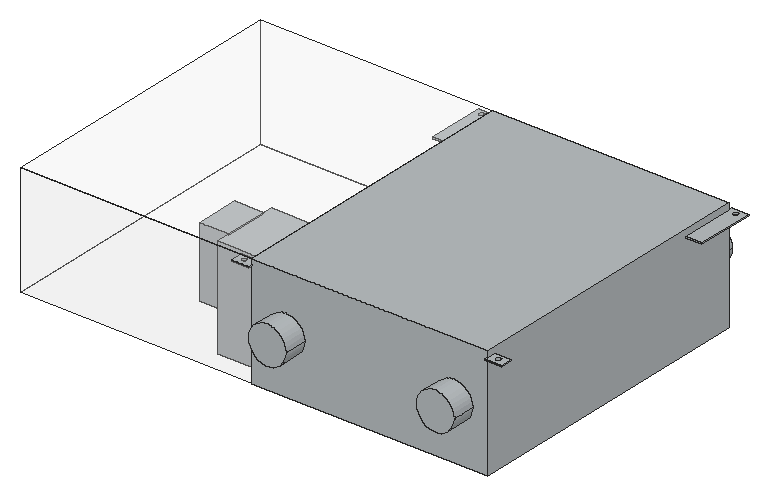
Revit family "lgh-rn15_100rxv2(d)_50Hz", category 機械設備, Revit 2019
Family settings
  丸型コネクタ寸法 = 直径を使用
  パーツ タイプ = 割り込み
  OmniClass 番号 = 23.75.10.34.21
  OmniClass タイトル = Heat Exchangers for Ventilation Air
  作業面ベース = いいえ
  常に垂直 = はい
  ロード時にボイドで切り取り = いいえ
  共有 = いいえ
  部屋計算ポイント = はい
Parameters (values of type "LGH-RN15RXV2")
  騒音レベル(dB(A)) = 31
  風量 = MAX風量  # 150.0 m³/h
  面風速 = 5.31 m/s
  電源種別 [instance] = "一般"
  電圧 = 100 V
  電動機出力 = 0 W
  集中コントローラ = ""
  運転質量 = 0.00 kg
  連動 [instance] = ""
  質量 = if(製品質量 > 運転質量, 製品質量, 運転質量) * 1.2  # 27.60 kg
  負荷分類 = 3_ファン類
  説明 = "業務用ロスナイ 天井埋込形 DCリプレースマイコン"
  設計風量 = 0.0 m³/h
  設置方法 = "天井吊(隠ぺい)形"
  記号 [instance] = ""
  製造元 = "三菱電機株式会社"
  製品質量 = 23.00 kg
  製品出荷対象 = "国内"
  製品リリース年月 = "2023/5/15"
  製品グループ = ""
  系統 [instance] = ""
  符号 [instance] = "HEU"
  積算_科目 = "1 空気調和設備"
  積算_拾い区分 [instance] = ""
  相 = 1
  盤記号 [instance] = ""
  発停方法 [instance] = ""
  特殊仕様 [instance] = ""
  点検口高さ = -Height / 2  # -145 mm
  点検口 = yes
  火災停止 [instance] = ""
  温度交換効率_特強 = 74.00%
  温度交換効率_強 = 74.00%
  温度交換効率_弱 = 78.00%
  消費電力 = 85 W
  法定耐用年数 = "15"
  機外静圧_排気 = 210.0 Pa
  機外静圧 = 210.0 Pa
  極数 = 2
  材質 [instance] = ""
  本体マテリアル = 溶融亜鉛めっき鋼板
  操作・制御方式 = ""
  操作・制御スイッチ = ""
  排気量 = 0.0 m³/h
  形式 = "天井埋込ダクト形"
  形名 = LGH-RN-2 : LGH-RN15-2
  幹線記号 [instance] = ""
  対象室 [instance] = ""
  実風量 = 0.0 m³/h
  始動方式 [instance] = "直入"
  外気量 = 設計風量  # 0.0 m³/h
  呼称 = "全熱交換ユニット"
  周波数 = 50 Hz
  吊りボルト-W = 658 mm
  吊りボルト-D = 768 mm
  参照している仕様書等のバージョン = "公共建築工事標準仕様書（機械設備工事編）平成31年度版"
  初期抵抗 = 0.0 Pa
  分類コード = "50052504100070"
  分類グループ = ""
  価格 = 379000
  企業コード = "108420"
  付属品_フィルター_還気 = ""
  付属品_フィルター = ""
  付属品 [instance] = ""
  仕様書バージョン = "Version1.0"
  モデル = "LGH-RN15RXV2"
  ドレン管径 = 0 mm
  ダクト径 = 100 mm
  OAダクト変更表示 = no
  EAダクト変更表示 = no
  サービススペース = yes
  コメント [instance] = ""
  Keynote = ""
  エンタルピ交換効率_暖房_特強 = 75.50%
  エンタルピ交換効率_暖房_強 = 75.50%
  エンタルピ交換効率_暖房_弱 = 79.00%
  エンタルピ交換効率_冷房_特強 = 64.50%
  エンタルピ交換効率_冷房_強 = 64.50%
  エンタルピ交換効率_冷房_弱 = 69.00%
  Width = 610 mm
  Version = ""
  Uniclass2015Version = "Systems v1.9"
  Uniclass2015Title = "Thermal wheels"
  Uniclass2015Code = "Pr_60_60_36_88"
  URL = "https://www.mitsubishielectric.co.jp/ldg/wink/qr/002/324437/"
  SpecificationReference = ""
  SpecificationDescription = ""
  SMAX風量 = 150.0 m³/h
  SMAX静圧 = 210.0 Pa
  SAサイズ_D = 97.5 mm
  Revision = ""
  RAサイズ_D = 97.5 mm
  ProductInformation = ""
  OmniClassCode = "23-27 23 19 11"
  OAサイズ_W = 0 mm
  OAサイズ_D = 97.5 mm
  MIN風量 = 66.0 m³/h
  MIN静圧 = 35.0 Pa
  MID風量 = 108.0 m³/h
  MID静圧 = 93.0 Pa
  MAX風量 = 150.0 m³/h
  MAX静圧 = 180.0 Pa
  M = 59 mm
  IfcTypeProduct = ""
  IfcProduct = ""
  IfcExportType = "ROTARYWHEEL"
  IfcExportAs = "IfcAirToAirHeatRecoveryType"
  Height = 290 mm
  EAサイズ_W = 0 mm
  EAサイズ_D = 97.5 mm
  Depth = 780 mm
  Clearance Top = 0 mm  # constant formula
  Clearance Right = 0 mm  # constant formula
  Clearance Left = 600 mm  # constant formula
  Clearance Front = 0 mm  # constant formula
  Clearance Bottom = 0 mm  # constant formula
  Clearance Back = 0 mm  # constant formula
  Author = "三菱電機株式会社"
Types (14, lengths in mm): name | 騒音レベル(dB(A)) | 風量 | 面風速 | 電圧 | 質量 | 製品質量 | 点検口高さ | 温度交換効率_特強 | 温度交換効率_強 | 温度交換効率_弱 | 消費電力 | 機外静圧_排気 | 機外静圧 | 極数 | 吊りボルト-W | 吊りボルト-D | 参照している仕様書等のバージョン | 価格 | モデル | ダクト径 | エンタルピ交換効率_暖房_特強 | エンタルピ交換効率_暖房_強 | エンタルピ交換効率_暖房_弱 | エンタルピ交換効率_冷房_特強 | エンタルピ交換効率_冷房_強 | エンタルピ交換効率_冷房_弱 | Width | URL | SMAX風量 | SMAX静圧 | SAサイズ_D | RAサイズ_D | OAサイズ_D | MIN風量 | MIN静圧 | MID風量 | MID静圧 | MAX風量 | MAX静圧 | M | Height | EAサイズ_D | Depth
  LGH-RN15RXV2 | 31 | 150.0 m³/h | 5.31 m/s | 100 V | 27.60 kg | 23.00 kg | -145 | 74.00% | 74.00% | 78.00% | 85 W | 210.0 Pa | 210.0 Pa | 2 | 658 | 768 | "公共建築工事標準仕様書（機械設備工事編）平成31年度版" | 379000 | "LGH-RN15RXV2" | 100 | 75.50% | 75.50% | 79.00% | 64.50% | 64.50% | 69.00% | 610 | "https://www.mitsubishielectric.co.jp/ldg/wink/qr/002/324437/" | 150.0 m³/h | 210.0 Pa | 97.5 | 97.5 | 97.5 | 66.0 m³/h | 35.0 Pa | 108.0 m³/h | 93.0 Pa | 150.0 m³/h | 180.0 Pa | 59 | 290 | 97.5 | 780
  LGH-RN15RXV2D | 31 | 150.0 m³/h | 5.31 m/s | 200 V | 27.60 kg | 23.00 kg | -145 | 74.00% | 74.00% | 78.00% | 85 W | 210.0 Pa | 210.0 Pa | 3 | 658 | 768 | "公共建築工事標準仕様書（機械設備工事編）平成31年度版" | 379000 | "LGH-RN15RXV2D" | 100 | 75.50% | 75.50% | 79.00% | 64.50% | 64.50% | 69.00% | 610 | "https://www.mitsubishielectric.co.jp/ldg/wink/qr/002/324438/" | 150.0 m³/h | 210.0 Pa | 97.5 | 97.5 | 97.5 | 66.0 m³/h | 35.0 Pa | 108.0 m³/h | 93.0 Pa | 150.0 m³/h | 180.0 Pa | 59 | 290 | 97.5 | 780
  LGH-RN25RXV2 | 30 | 250.0 m³/h | 3.93 m/s | 100 V | 28.80 kg | 24.00 kg | -145 | 70.00% | 70.00% | 78.00% | 110 W | 170.0 Pa | 170.0 Pa | 2 | 782 | 768 | "公共建築工事標準仕様書（機械設備工事編）平成31年度版" | 412000 | "LGH-RN25RXV2" | 150 | 73.00% | 73.00% | 78.50% | 63.00% | 63.00% | 68.50% | 735 | "https://www.mitsubishielectric.co.jp/ldg/wink/qr/002/324440/" | 250.0 m³/h | 170.0 Pa | 142 | 142 | 142 | 110.0 m³/h | 28.0 Pa | 180.0 m³/h | 75.0 Pa | 250.0 m³/h | 145.0 Pa | 69 | 290 | 142 | 780
  LGH-RN25RXV2D | 30 | 250.0 m³/h | 3.93 m/s | 200 V | 28.80 kg | 24.00 kg | -145 | 70.00% | 70.00% | 78.00% | 110 W | 170.0 Pa | 170.0 Pa | 3 | 782 | 768 | "公共建築工事標準仕様書（機械設備工事編）平成31年度版" | 412000 | "LGH-RN25RXV2D" | 150 | 73.00% | 73.00% | 78.50% | 63.00% | 63.00% | 68.50% | 735 | "https://www.mitsubishielectric.co.jp/ldg/wink/qr/002/324441/" | 250.0 m³/h | 170.0 Pa | 142 | 142 | 142 | 110.0 m³/h | 28.0 Pa | 180.0 m³/h | 75.0 Pa | 250.0 m³/h | 145.0 Pa | 69 | 290 | 142 | 780
  LGH-RN35RXV2 | 33 | 350.0 m³/h | 5.5 m/s | 100 V | 39.60 kg | 33.00 kg | -165 | 71.50% | 71.50% | 75.00% | 210 W | 300.0 Pa | 300.0 Pa | 2 | 921 | 875 | "公共建築工事標準仕様書（機械設備工事編）平成31年度版" | 454000 | "LGH-RN35RXV2" | 150 | 74.50% | 74.50% | 78.50% | 65.50% | 65.50% | 66.50% | 875 | "https://www.mitsubishielectric.co.jp/ldg/wink/qr/002/324442/" | 350.0 m³/h | 300.0 Pa | 142 | 142 | 142 | 154.0 m³/h | 36.0 Pa | 252.0 m³/h | 96.0 Pa | 350.0 m³/h | 185.0 Pa | 69 | 330 | 142 | 890
  LGH-RN35RXV2D | 33 | 350.0 m³/h | 5.5 m/s | 200 V | 39.60 kg | 33.00 kg | -165 | 71.50% | 71.50% | 75.00% | 210 W | 300.0 Pa | 300.0 Pa | 3 | 921 | 875 | "公共建築工事標準仕様書（機械設備工事編）平成31年度版" | 454000 | "LGH-RN35RXV2D" | 150 | 74.50% | 74.50% | 78.50% | 65.50% | 65.50% | 66.50% | 875 | "https://www.mitsubishielectric.co.jp/ldg/wink/qr/002/324443/" | 350.0 m³/h | 300.0 Pa | 142 | 142 | 142 | 154.0 m³/h | 36.0 Pa | 252.0 m³/h | 96.0 Pa | 350.0 m³/h | 185.0 Pa | 69 | 330 | 142 | 890
  LGH-RN50RXV2 | 37 | 500.0 m³/h | 4.42 m/s | 100 V | 44.40 kg | 37.00 kg | -165 | 71.00% | 71.00% | 75.00% | 315 W | 310.0 Pa | 310.0 Pa | 2 | 1063 | 875 | "公共建築工事標準仕様書（機械設備工事編）平成31年度版" | 547000 | "LGH-RN50RXV2" | 200 | 73.00% | 73.00% | 77.50% | 63.00% | 63.00% | 66.50% | 1020 | "https://www.mitsubishielectric.co.jp/ldg/wink/qr/002/324444/" | 500.0 m³/h | 310.0 Pa | 192 | 192 | 192 | 220.0 m³/h | 37.0 Pa | 360.0 m³/h | 98.0 Pa | 500.0 m³/h | 190.0 Pa | 84 | 330 | 192 | 890
  LGH-RN50RXV2D | 37 | 500.0 m³/h | 4.42 m/s | 200 V | 44.40 kg | 37.00 kg | -165 | 71.00% | 71.00% | 75.00% | 315 W | 310.0 Pa | 310.0 Pa | 3 | 1063 | 875 | "公共建築工事標準仕様書（機械設備工事編）平成31年度版" | 547000 | "LGH-RN50RXV2D" | 200 | 73.00% | 73.00% | 77.50% | 63.00% | 63.00% | 66.50% | 1020 | "https://www.mitsubishielectric.co.jp/ldg/wink/qr/002/324445/" | 500.0 m³/h | 310.0 Pa | 192 | 192 | 192 | 220.0 m³/h | 37.0 Pa | 360.0 m³/h | 98.0 Pa | 500.0 m³/h | 190.0 Pa | 84 | 330 | 192 | 890
  LGH-RN65RXV2 | 40 | 650.0 m³/h | 5.75 m/s | 100 V | 51.60 kg | 43.00 kg | -202 | 71.50% | 71.50% | 76.00% | 445 W | 320.0 Pa | 320.0 Pa | 2 | 1001 | 895 | "公共建築工事標準仕様書（機械設備工事編）平成31年度版" | 628000 | "LGH-RN65RXV2" | 200 | 72.00% | 72.00% | 76.00% | 63.00% | 63.00% | 67.00% | 892 | "https://www.mitsubishielectric.co.jp/ldg/wink/qr/002/324446/" | 650.0 m³/h | 320.0 Pa | 192 | 192 | 192 | 286.0 m³/h | 45.0 Pa | 468.0 m³/h | 119.0 Pa | 650.0 m³/h | 230.0 Pa | 84 | 404 | 192 | 984
  LGH-RN65RXV2D | 40 | 650.0 m³/h | 5.75 m/s | 200 V | 51.60 kg | 43.00 kg | -202 | 71.50% | 71.50% | 76.00% | 445 W | 320.0 Pa | 320.0 Pa | 3 | 1001 | 895 | "公共建築工事標準仕様書（機械設備工事編）平成31年度版" | 628000 | "LGH-RN65RXV2D" | 200 | 72.00% | 72.00% | 76.00% | 63.00% | 63.00% | 67.00% | 892 | "https://www.mitsubishielectric.co.jp/ldg/wink/qr/002/324447/" | 650.0 m³/h | 320.0 Pa | 192 | 192 | 192 | 286.0 m³/h | 45.0 Pa | 468.0 m³/h | 119.0 Pa | 650.0 m³/h | 230.0 Pa | 84 | 404 | 192 | 984
  LGH-RN80RXV2 | 40 | 800.0 m³/h | 4.53 m/s | 100 V | 63.60 kg | 53.00 kg | -202 | 73.00% | 73.00% | 76.50% | 540 W | 310.0 Pa | 310.0 Pa | 2 | 1051 | 1131 | "公共建築工事標準仕様書（機械設備工事編）平成31年度版" | 748000 | "LGH-RN80RXV2" | 250 | 75.00% | 75.00% | 78.00% | 65.00% | 65.00% | 68.00% | 1004 | "https://www.mitsubishielectric.co.jp/ldg/wink/qr/002/324448/" | 800.0 m³/h | 310.0 Pa | 242 | 242 | 242 | 352.0 m³/h | 37.0 Pa | 576.0 m³/h | 98.0 Pa | 800.0 m³/h | 190.0 Pa | 84 | 404 | 242 | 1144
  LGH-RN80RXV2D | 40 | 800.0 m³/h | 4.53 m/s | 200 V | 63.60 kg | 53.00 kg | -202 | 73.00% | 73.00% | 76.50% | 540 W | 310.0 Pa | 310.0 Pa | 3 | 1051 | 1131 | "公共建築工事標準仕様書（機械設備工事編）平成31年度版" | 748000 | "LGH-RN80RXV2D" | 250 | 75.00% | 75.00% | 78.00% | 65.00% | 65.00% | 68.00% | 1004 | "https://www.mitsubishielectric.co.jp/ldg/wink/qr/002/324449/" | 800.0 m³/h | 310.0 Pa | 242 | 242 | 242 | 352.0 m³/h | 37.0 Pa | 576.0 m³/h | 98.0 Pa | 800.0 m³/h | 190.0 Pa | 84 | 404 | 242 | 1144
  LGH-RN100RXV2 | 38 | 1000.0 m³/h | 5.66 m/s | 100 V | 69.60 kg | 58.00 kg | -202 | 73.00% | 73.00% | 75.00% | 580 W | 225.0 Pa | 225.0 Pa | 2 | 1278 | 1131 | "" | 852000 | "LGH-RN100RXV2" | 250 | 75.00% | 75.00% | 76.50% | 65.00% | 65.00% | 67.50% | 1231 | "https://www.mitsubishielectric.co.jp/ldg/wink/qr/002/324434/" | 1000.0 m³/h | 225.0 Pa | 242 | 242 | 242 | 440.0 m³/h | 32.0 Pa | 720.0 m³/h | 86.0 Pa | 1000.0 m³/h | 165.0 Pa | 84 | 404 | 242 | 1144
  LGH-RN100RXV2D | 38 | 1000.0 m³/h | 5.66 m/s | 200 V | 69.60 kg | 58.00 kg | -202 | 73.00% | 73.00% | 75.00% | 580 W | 225.0 Pa | 225.0 Pa | 3 | 1278 | 1131 | "" | 852000 | "LGH-RN100RXV2D" | 250 | 75.00% | 75.00% | 76.50% | 65.00% | 65.00% | 67.50% | 1231 | "https://www.mitsubishielectric.co.jp/ldg/wink/qr/002/324435/" | 1000.0 m³/h | 225.0 Pa | 242 | 242 | 242 | 440.0 m³/h | 32.0 Pa | 720.0 m³/h | 86.0 Pa | 1000.0 m³/h | 165.0 Pa | 84 | 404 | 242 | 1144
Reference planes
  plane 1 "中心(正面/背面)": y = 0
  plane 2: z = 0
  plane 3 "中心(左/右)": x = 0
  plane 4 "4": x = 0
  plane 5 "3": x = 0
  plane 6 "左": x = -305
  plane 7 "右": x = 305
  plane 8 "背面": y = 390
  plane 9 "正面": y = -390
  plane 10: z = 145
  plane 11: y = 384
  plane 12: y = -384
  plane 13: x = 329
  plane 14: x = -329
  plane 15: z = -145
  plane 16: y = 390
  plane 17: y = -390
  plane 18: x = 305
  plane 19: x = -905
  plane 20: z = 145
  plane 21: z = -145
  plane 22: y = 225
  plane 23: y = -225
  plane 24: x = -455
Dimensions and locks
  equal spacing: plane 6 "左", plane 5 "3", plane 7 "右"
  "Width": plane 6 "左" to plane 7 "右"
  equal spacing: plane 9 "正面", plane 1 "中心(正面/背面)", plane 8 "背面"
  "Depth": plane 9 "正面" to plane 8 "背面"
  equal spacing: plane 10, level, plane 15
  "Height": plane 10 to plane 15
  equal spacing: plane 14, plane 5 "3", plane 13
  "吊りボルト-W": plane 14 to plane 13
  equal spacing: plane 12, plane 1 "中心(正面/背面)", plane 11
  "吊りボルト-D": plane 12 to plane 11
  "Clearance Front": plane 17 to plane 9 "正面"
  "Clearance Back": plane 8 "背面" to plane 16
  "Clearance Right": plane 7 "右" to plane 18
  "Clearance Left": plane 19 to plane 6 "左"
  "Clearance Bottom": plane 15 to plane 21
  "Clearance Top": plane 20 to plane 10
  plane 17 to plane 9 "正面" = 0 mm
  equal spacing: plane 22, plane 1 "中心(正面/背面)", plane 23
  locked: plane 22 to plane 23 at 450
  locked: plane 19 to plane 24 at 450
  aligned and locked: level to plane 2
  aligned and locked: nested 1 to plane 11
  aligned and locked: plane 12 to nested 1
  aligned and locked: plane 14 to nested 1
  aligned and locked: plane 13 to nested 1
  aligned and locked: plane 10 to nested 2
  aligned and locked: plane 19 to nested 3
  aligned and locked: plane 20 to nested 3
  aligned and locked: plane 21 to nested 3
  aligned and locked: plane 17 to nested 3
  aligned and locked: plane 16 to nested 3
  aligned and locked: plane 6 "左" to nested 3
  aligned and locked: nested 2 to plane 5 "3"
  aligned and locked: plane 1 "中心(正面/背面)" to nested 2
  aligned and locked: plane 24 to nested 4
  aligned and locked: plane 19 to nested 4
  aligned and locked: plane 23 to nested 4
  aligned and locked: plane 22 to nested 4
Nested families
  nested 1: "固定点" at (-329, -384, 0), type "固定点"
    with W 658 mm, D 768 mm
  nested 2: "LGH-RN-2" at (0, 0, -145) x (0, -1, 0) z (0, 0, 1), type <- "形名", type "LGH-RN15-2"
    with EA一般 yes, EA変更 no
  nested 3: "サービススペース" at (-605, 0, 0), visible <- "サービススペース", type "サービススペース"
    with Width 600 mm, Height 290 mm, Depth 780 mm
  nested 4: "点検口設置範囲" at (-680, 0, -145), built-in parameter 1001364 <- "点検口高さ", visible <- "点検口", type "点検口設置範囲"
    with Width 450 mm, Depth 450 mm
Connectors
  hvac at (-217.5, -449, 0), driven by "ダクト径", driven by "機外静圧", driven by "風量"
    settings: on nested 2, index 2, duct flow 150.0 m³/h, flow factor 0, pres drop 210.0 Pa, loss coef 0, conn angle 0.00°, conn width 304.8 mm, conn height 304.8 mm, conn diameter 100 mm, duct sys type 1, conn prof type 0, flow config 0, flow direction 2, loss method 4, conn ref index -1, conn util no, is conn primary yes, conn desc ""
  hvac at (217.5, -449, 0), driven by "ダクト径", driven by "機外静圧", driven by "風量"
    settings: on nested 2, index 3, duct flow 150.0 m³/h, flow factor 0, pres drop 210.0 Pa, loss coef 0, conn angle 0.00°, conn width 304.8 mm, conn height 304.8 mm, conn diameter 100 mm, duct sys type 2, conn prof type 0, flow config 0, flow direction 1, loss method 4, conn ref index -1, conn util no, is conn primary no, conn desc ""
  hvac at (-217.5, 449, 0), driven by "EAサイズ_D", driven by "機外静圧", driven by "排気量"
    settings: on nested 2, index 4, duct flow 0.0 m³/h, flow factor 0, pres drop 210.0 Pa, loss coef 0, conn angle 0.00°, conn width 304.8 mm, conn height 304.8 mm, conn diameter 97.5 mm, duct sys type 3, conn prof type 0, flow config 0, flow direction 2, loss method 4, conn ref index -1, conn util no, is conn primary no, conn desc ""
  hvac at (-217.5, 449, 0), driven by "ダクト径", driven by "機外静圧", driven by "外気量"
    settings: on nested 2, index 5, duct flow 0.0 m³/h, flow factor 0, pres drop 210.0 Pa, loss coef 0, conn angle 0.00°, conn width 304.8 mm, conn height 304.8 mm, conn diameter 100 mm, duct sys type 4, conn prof type 0, flow config 0, flow direction 1, loss method 4, conn ref index -1, conn util no, is conn primary no, conn desc ""
  hvac at (364, 272, 0), driven by "ダクト径", driven by "機外静圧", driven by "排気量"
    settings: on nested 2, index 7, duct flow 0.0 m³/h, flow factor 0, pres drop 210.0 Pa, loss coef 0, conn angle 0.00°, conn width 304.8 mm, conn height 304.8 mm, conn diameter 100 mm, duct sys type 3, conn prof type 0, flow config 0, flow direction 2, loss method 4, conn ref index -1, conn util no, is conn primary no, conn desc ""
  hvac at (-364, 272, 0), driven by "ダクト径", driven by "機外静圧", driven by "外気量"
    settings: on nested 2, index 8, duct flow 0.0 m³/h, flow factor 0, pres drop 210.0 Pa, loss coef 0, conn angle 0.00°, conn width 304.8 mm, conn height 304.8 mm, conn diameter 100 mm, duct sys type 4, conn prof type 0, flow config 0, flow direction 1, loss method 4, conn ref index -1, conn util no, is conn primary no, conn desc ""
  hvac at (217.5, 449, 0), driven by "ダクト径", driven by "機外静圧", driven by "排気量"
    settings: on nested 2, index 9, duct flow 0.0 m³/h, flow factor 0, pres drop 210.0 Pa, loss coef 0, conn angle 0.00°, conn width 304.8 mm, conn height 304.8 mm, conn diameter 100 mm, duct sys type 3, conn prof type 0, flow config 0, flow direction 2, loss method 4, conn ref index -1, conn util no, is conn primary no, conn desc ""
  electrical at (-362.5, -357, -0.5), driven by "極数", driven by "負荷分類", driven by "電圧", driven by "消費電力"
    settings: on nested 2, index 10, voltage 100 V, apparent load 85 VA, apparent load phase1 0 VA, apparent load phase2 0 VA, apparent load phase3 0 VA, power factor 1, load classification "3_ファン類", number of poles 2, system type 30, power factor state 1, is connector primary yes, connector utility no, sub classification motor no, connector description ""
Definition of nested family "LGH-RN-2"
  Parameters (values of type "LGH-RN15-2")
    吊りボルト-φ = 13 mm
    吊りボルト-W1 = 768 mm
    吊りボルト-D1 = 658 mm
    マテリアル = none
    ダクト間 = 435 mm
    ダクト変更位置 = 118 mm
    OA一般 = not(OA変更)  # yes
    OA変更 = no
    EA一般 = not(EA変更)  # no
    EA変更 = yes
    コントロール手前位置 = 33 mm
    コントロール上位置 = 15 mm
    φ = 97.5 mm
    Φ = 110 mm
    吊りボルト-H = 15 mm
    M = 59 mm
    W = 780 mm
    H = 290 mm
    D = 610 mm
    CO2センサー手前位置 = 69 mm
    CO2センサー上位置 = 14 mm
  Types (7, lengths in mm): name | 吊りボルト-W1 | 吊りボルト-D1 | ダクト間 | ダクト変更位置 | コントロール手前位置 | コントロール上位置 | φ | Φ | 吊りボルト-H | M | W | H | D | CO2センサー手前位置 | CO2センサー上位置
    LGH-RN100-2 | 1131 | 1278 | 917 | 165 | 146 | 88 | 242 | 258 | 15 | 84 | 1144 | 404 | 1231 | 182 | 87
    LGH-RN80-2 | 1131 | 1051 | 690 | 165 | 146 | 88 | 242 | 258 | 15 | 84 | 1144 | 404 | 1004 | 182 | 87
    LGH-RN65-2 | 895 | 1001 | 620 | 122 | 71 | 57 | 192 | 208 | 15 | 84 | 984 | 404 | 892 | 107 | 56
    LGH-RN35-2 | 875 | 921 | 600 | 140 | 68 | 23 | 142 | 160 | 19 | 69 | 890 | 330 | 875 | 104 | 22
    LGH-RN25-2 | 768 | 782 | 520 | 118 | 33 | 15 | 142 | 160 | 15 | 69 | 780 | 290 | 735 | 69 | 14
    LGH-RN50-2 | 875 | 1063 | 700 | 130 | 68 | 23 | 192 | 208 | 19 | 84 | 890 | 330 | 1020 | 104 | 22
    LGH-RN15-2 | 768 | 658 | 435 | 118 | 33 | 15 | 97.5 | 110 | 15 | 59 | 780 | 290 | 610 | 69 | 14
  Reference planes
    plane 1 "中心(正面/背面)": y = 0
    plane 2: z = 0
    plane 3 "中心(左/右)": x = 0
    plane 4: y = 305
    plane 5: y = 329
    plane 6: y = 349
    plane 7: y = -305
    plane 8: y = -329
    plane 9: y = -349
    plane 10: x = -390
    plane 11: x = 390
    plane 12: z = 290
    plane 13: x = -213
    plane 14: x = 449
    plane 15: x = -449
    plane 16: z = 145
    plane 17: y = 217.5
    plane 18: y = -217.5
    plane 19: x = -384
    plane 20: x = 384
    plane 21: x = 130
    plane 22: x = -130
    plane 23: y = -420
    plane 24: y = -495
    plane 25: x = 357
    plane 26: x = 381.333
    plane 27: x = 182
    plane 28: z = 241.667
    plane 29: z = 193.333
    plane 30: z = 96.667
    plane 31: z = 48.333
    plane 32: x = 321
    plane 33: x = 208
    plane 34: x = -399
    plane 35: x = 399
    plane 36: x = 369
    plane 37: x = -249
    plane 38: z = 275
    plane 39: z = 272
    plane 40: z = 275
    plane 41: z = 276
    plane 42: z = 94
    plane 43: z = 14
    plane 44: x = -272
    plane 45: y = -364
    plane 46: y = 364
  Forms (mm)
    Extrusion 1, solid, material <- "マテリアル", detail levels fine
      sketch origin (0, 0, 0) x (1, 0, 0) y (0, 1, 0)
        loop
          line (-390, 305) -> (-390, -305) -> (390, -305) -> (390, 305) -> (-390, 305)
      from 0 to 290
    Extrusion 2, solid, material <- "マテリアル", visible <- "OA一般", detail levels fine
      sketch origin (0, 0, 0) x (0, 1, 0) y (0, 0, 1)
        loop
          circle (-217.5, 145) r 48.75
      from -390 to -449
    Extrusion 3, solid, material <- "マテリアル", detail levels fine
      sketch origin (0, 0, 0) x (0, 1, 0) y (0, 0, -1)
        loop
          circle (-217.5, -145) r 48.75
        loop
          circle (217.5, -145) r 48.75
      from -390 to -449
    Extrusion 4, solid, material <- "マテリアル", detail levels fine
      sketch origin (0, 0, 0) x (1, 0, 0) y (0, 0, 1)
        loop
          line (182, 275) -> (182, 14) -> (357, 14) -> (357, 275) -> (182, 275)
      from 305 to 420
    Extrusion 5, solid, material <- "マテリアル", detail levels fine
      sketch origin (0, 0, 0) x (1, 0, 0) y (0, 0, 1)
        loop
          line (208, 276) -> (208, 94) -> (321, 94) -> (321, 276) -> (208, 276)
      from 420 to 495
    Extrusion 6, solid, material <- "マテリアル", detail levels fine
      sketch origin (0, 0, 0) x (1, 0, 0) y (0, 1, 0)
        loop
          line (-399, 349) -> (-399, 305) -> (-249, 305) -> (-249, 349) -> (-399, 349)
        loop
          line (-399, -305) -> (-399, -349) -> (-249, -349) -> (-249, -305) -> (-399, -305)
        loop
          line (369, 349) -> (369, 305) -> (399, 305) -> (399, 349) -> (369, 349)
        loop
          line (369, -349) -> (399, -349) -> (399, -305) -> (369, -305) -> (369, -349)
        loop
          circle (-384, 329) r 6.5
        loop
          circle (384, 329) r 6.5
        loop
          circle (-384, -329) r 6.5
        loop
          circle (384, -329) r 6.5
      from 272 to 275
    Extrusion 7, solid, material <- "マテリアル", visible <- "OA変更", detail levels fine
      sketch origin (0, 0, 0) x (1, 0, 0) y (0, 0, 1)
        loop
          circle (-272, 145) r 48.75
      from 305 to 364
    Extrusion 8, solid, material <- "マテリアル", visible <- "EA変更", detail levels fine
      sketch origin (0, 0, 0) x (1, 0, 0) y (0, 0, -1)
        loop
          circle (-272, -145) r 48.75
      from 305 to 364
    Extrusion 9, solid, material <- "マテリアル", visible <- "EA一般", detail levels fine
      sketch origin (0, 435, 0) x (0, 1, 0) y (0, 0, 1)
        loop
          circle (-217.5, 145) r 48.75
      from -390 to -449
  Dimensions and locks
    "W": plane 10 to plane 11
    "吊りボルト-D1": plane 8 to plane 5
    "D": plane 7 to plane 4
    equal spacing: plane 7, plane 1 "中心(正面/背面)", plane 4
    equal spacing: plane 10, plane 3 "中心(左/右)", plane 11
    "H": plane 12 to level
    "M": plane 15 to plane 10
    "M": plane 11 to plane 14
    equal spacing: plane 8, plane 1 "中心(正面/背面)", plane 5
    equal spacing: plane 18, plane 1 "中心(正面/背面)", plane 17
    "ダクト間": plane 18 to plane 17
    equal spacing: plane 19, plane 3 "中心(左/右)", plane 20
    "吊りボルト-W1": plane 19 to plane 20
    plane 15 to plane 14 = 898 mm
    equal spacing: plane 10, plane 22, plane 21, plane 11
    plane 11 to plane 21 to plane 22 to plane 10 = 260 mm, 260 mm, 260 mm
    locked: plane 23 to plane 7 at 115
    locked: plane 24 to plane 7 at 190
    equal spacing: plane 12, plane 28, plane 29, plane 16, plane 30, plane 31, level
    locked: plane 5 to plane 6 at 20
    locked: plane 9 to plane 8 at 20
    locked: plane 38 to plane 39 at 3
    "吊りボルト-H": plane 12 to plane 38
    locked: plane 19 to plane 37 at 135
    locked: plane 36 to plane 20 at 15
    locked: plane 34 to plane 10 at 9
    locked: plane 11 to plane 35 at 9
    locked: plane 33 to plane 32 at 113
    locked: plane 27 to plane 25 at 175
    "CO2センサー手前位置": plane 32 to plane 11
    "コントロール手前位置": plane 25 to plane 11
    "コントロール上位置": plane 12 to plane 40
    locked: plane 40 to plane 43 at 261
    "CO2センサー上位置": plane 12 to plane 41
    locked: plane 41 to plane 42 at 182
    "ダクト変更位置": plane 10 to plane 44
    "M": plane 45 to plane 7
    "M": plane 4 to plane 46
    "φ": diameter of Extrusion 2 sketch curve
    "φ": diameter of Extrusion 3 sketch curve  (x2)
    "吊りボルト-φ": diameter of Extrusion 6 sketch curve  (x4)
    "φ": diameter of Extrusion 7 sketch curve
    "φ": diameter of Extrusion 8 sketch curve
    "φ": diameter of Extrusion 9 sketch curve
    aligned and locked: level to plane 2
    aligned and locked: plane 4 to Extrusion 1 sketch curve
    aligned and locked: plane 10 to Extrusion 1 sketch curve
    aligned and locked: Extrusion 1 sketch curve to plane 7
    aligned and locked: Extrusion 1 sketch curve to plane 11
    aligned and locked: plane 12 to Extrusion 1
    aligned and locked: plane 16 to Extrusion 2 sketch curve
    aligned and locked: Extrusion 2 to plane 15
    aligned and locked: plane 14 to Extrusion 3
    aligned and locked: plane 18 to Extrusion 3 sketch curve
    aligned and locked: plane 16 to Extrusion 3 sketch curve  (x2)
    aligned and locked: plane 18 to Extrusion 2 sketch curve
    aligned and locked: plane 17 to Extrusion 3 sketch curve
    aligned and locked: Extrusion 4 sketch curve to plane 25
    aligned and locked: plane 27 to Extrusion 4 sketch curve
    aligned and locked: plane 33 to Extrusion 5 sketch curve
    aligned and locked: Extrusion 5 sketch curve to plane 32
    aligned and locked: plane 7 to Extrusion 4
    aligned and locked: plane 23 to Extrusion 4
    aligned and locked: plane 23 to Extrusion 5
    aligned and locked: plane 24 to Extrusion 5
    aligned and locked: plane 6 to Extrusion 6 sketch curve  (x2)
    aligned and locked: plane 34 to Extrusion 6 sketch curve  (x2)
    aligned and locked: Extrusion 6 sketch curve to plane 4  (x2)
    aligned and locked: Extrusion 6 sketch curve to plane 37  (x2)
    aligned and locked: plane 7 to Extrusion 6 sketch curve
    aligned and locked: Extrusion 6 sketch curve to plane 9
    aligned and locked: Extrusion 6 sketch curve to plane 35
    aligned and locked: plane 9 to Extrusion 6 sketch curve
    aligned and locked: Extrusion 6 sketch curve to plane 7
    aligned and locked: plane 35 to Extrusion 6 sketch curve
    aligned and locked: plane 8 to Extrusion 6 sketch curve  (x2)
    aligned and locked: plane 5 to Extrusion 6 sketch curve  (x2)
    aligned and locked: plane 19 to Extrusion 6 sketch curve  (x2)
    aligned and locked: plane 20 to Extrusion 6 sketch curve  (x2)
    aligned and locked: Extrusion 6 to plane 39
    aligned and locked: plane 38 to Extrusion 6
    aligned and locked: Extrusion 6 sketch curve to plane 36  (x2)
    aligned and locked: plane 42 to Extrusion 5 sketch curve
    aligned and locked: Extrusion 5 sketch curve to plane 41
    aligned and locked: Extrusion 4 sketch curve to plane 40
    aligned and locked: plane 43 to Extrusion 4 sketch curve
    aligned and locked: plane 16 to Extrusion 7 sketch curve
    aligned and locked: plane 44 to Extrusion 7 sketch curve
    aligned and locked: plane 45 to Extrusion 7
    aligned and locked: plane 16 to Extrusion 8 sketch curve
    aligned and locked: plane 44 to Extrusion 8 sketch curve
    aligned and locked: Extrusion 8 to plane 46
    aligned and locked: Extrusion 9 to plane 15
    aligned and locked: plane 16 to Extrusion 9 sketch curve
    aligned and locked: plane 17 to Extrusion 9 sketch curve
    aligned and locked: Extrusion 3 to plane 11
    aligned and locked: plane 10 to Extrusion 2
    aligned and locked: plane 10 to Extrusion 9
    aligned and locked: plane 4 to Extrusion 8
    aligned and locked: Extrusion 7 to plane 7
Definition of nested family "サービススペース"
  Parameters (values of type "サービススペース")
    Width [instance] = 500 mm
    Height [instance] = 500 mm
    Depth [instance] = 500 mm
  Reference planes
    plane 1 "中心(正面/背面)": y = 0
    plane 2: z = 0
    plane 3 "中心(左/右)": x = 0
    plane 4: y = -250
    plane 5: x = 250
    plane 6: y = 250
    plane 7: x = -250
    plane 8: z = 250
    plane 9: z = -250
  Forms (mm)
    Extrusion 1, solid
      sketch origin (-638.939, 0, 72.39) x (1, 0, 0) y (0, 1, 0)
        loop
          line (388.939, 250) -> (388.939, -250) -> (888.939, -250) -> (888.939, 250) -> (388.939, 250)
      from -322.39 to 177.61
  Lines and regions (mm)
    symbolic lines
      curve 1: line (-250, 0, 250) -> (250, 0, 250)
      curve 2: line (-250, 0, -250) -> (-250, 0, 250)
      curve 3: line (250, 0, -250) -> (-250, 0, -250)
      curve 4: line (250, 0, 250) -> (250, 0, -250)
      curve 5: line (0, -250, 250) -> (0, 250, 250)
      curve 6: line (0, -250, -250) -> (0, -250, 250)
      curve 7: line (0, 250, -250) -> (0, -250, -250)
      curve 8: line (0, 250, 250) -> (0, 250, -250)
      curve 9: line (-250, 250, 0) -> (250, 250, 0)
      curve 10: line (-250, -250, 0) -> (-250, 250, 0)
      curve 11: line (250, -250, 0) -> (-250, -250, 0)
      curve 12: line (250, 250, 0) -> (250, -250, 0)
  Dimensions and locks
    equal spacing: plane 7, plane 3 "中心(左/右)", plane 5
    equal spacing: plane 4, plane 1 "中心(正面/背面)", plane 6
    "Depth": plane 4 to plane 6
    "Width": plane 7 to plane 5
    equal spacing: plane 8, plane 2, plane 9
    "Height": plane 8 to plane 9
    aligned and locked: plane 9 to curve 3
    aligned and locked: plane 7 to curve 2
    aligned and locked: curve 4 to plane 5
    aligned and locked: plane 5 to Extrusion 1
    aligned and locked: Extrusion 1 to plane 7
    aligned and locked: Extrusion 1 to plane 9
    aligned and locked: plane 8 to Extrusion 1
    aligned and locked: plane 9 to curve 7
  Automatic sketch dimensions
    plane 4 to Extrusion 1 sketch curve = 0 mm
    Extrusion 1 sketch curve to plane 7 = 0 mm
    Extrusion 1 sketch curve to plane 5 = 0 mm
    plane 6 to Extrusion 1 sketch curve = 0 mm
    curve 2 to plane 8 = 0 mm
    plane 4 to curve 11 = 0 mm
    curve 11 to plane 7 = 0 mm
    curve 11 to plane 5 = 0 mm
    plane 6 to curve 10 = 0 mm
    curve 7 to plane 4 = 0 mm
    curve 7 to plane 6 = 0 mm
    curve 6 to plane 8 = 0 mm
Definition of nested family "固定点"
  Parameters (values of type "固定点")
    中心円 = 11 mm
    W [instance] = 1000 mm
    D [instance] = 1000 mm
  Reference planes
    plane 1 "中心(正面/背面)": y = 0
    plane 2: z = 0
    plane 3 "中心(左/右)": x = 0
    plane 4: x = 1000
    plane 5: y = 1000
  Lines and regions (mm)
    symbolic lines, detail levels fine
      curve 1: circle (0, 1000, 0) r 5.5 normal (0, 0, 1)
      curve 2: circle (0, 0, 0) r 5.5 normal (0, 0, 1)
      curve 3: circle (1000, 1000, 0) r 5.5 normal (0, 0, 1)
      curve 4: circle (1000, 0, 0) r 5.5 normal (0, 0, 1)
      curve 5: line (-200, 1000, 0) -> (1200, 1000, 0)
      curve 6: line (-200, 0, 0) -> (1200, 0, 0)
      curve 7: line (0, 1200, 0) -> (0, -200, 0)
      curve 8: line (1000, 1200, 0) -> (1000, -200, 0)
  Dimensions and locks
    "W": plane 3 "中心(左/右)" to plane 4
    "D": plane 1 "中心(正面/背面)" to plane 5
    "中心円": diameter of curve 1
    "中心円": diameter of curve 2
    "中心円": diameter of curve 3
    "中心円": diameter of curve 4
    aligned and locked: level to plane 2
    aligned and locked: plane 5 to curve 1
    aligned and locked: plane 3 "中心(左/右)" to curve 1
    aligned and locked: plane 3 "中心(左/右)" to curve 2
    aligned and locked: plane 1 "中心(正面/背面)" to curve 2
    aligned and locked: plane 4 to curve 3
    aligned and locked: plane 5 to curve 3
    aligned and locked: plane 1 "中心(正面/背面)" to curve 4
    aligned and locked: plane 4 to curve 4
    aligned and locked: plane 1 "中心(正面/背面)" to curve 6
    aligned and locked: curve 7 to plane 3 "中心(左/右)"
    aligned and locked: curve 8 to plane 4
  Automatic sketch dimensions
    curve 5 to plane 5 = 0 mm
    curve 6 to plane 3 "中心(左/右)" = 200 mm
    curve 5 to plane 3 "中心(左/右)" = 200 mm
    curve 4 to curve 6 = 200 mm
    curve 3 to curve 5 = 200 mm
    plane 1 "中心(正面/背面)" to curve 8 = 200 mm
    plane 1 "中心(正面/背面)" to curve 7 = 200 mm
    curve 3 to curve 8 = 200 mm
    curve 1 to curve 7 = 200 mm
Definition of nested family "点検口設置範囲"
  Parameters (values of type "点検口設置範囲")
    Width [instance] = 1000 mm
    Depth [instance] = 700 mm
  Reference planes
    plane 1 "中心(正面/背面)": y = 0
    plane 2: z = 0
    plane 3 "中心(左/右)": x = 0
    plane 4: x = -500
    plane 5: x = 500
    plane 6: y = -350
    plane 7: y = 350
  Lines and regions (mm)
    model lines
      curve 1: line (-500, 350, 0) -> (500, 350, 0)
      curve 2: line (-500, -350, 0) -> (-500, 350, 0)
      curve 3: line (500, -350, 0) -> (-500, -350, 0)
      curve 4: line (500, 350, 0) -> (500, -350, 0)
  Dimensions and locks
    "Depth": plane 7 to plane 6
    "Width": plane 4 to plane 5
    equal spacing: plane 7, plane 1 "中心(正面/背面)", plane 6
    equal spacing: plane 4, plane 3 "中心(左/右)", plane 5
    aligned and locked: level to plane 2
    aligned and locked: plane 4 to curve 2
    aligned and locked: curve 1 to plane 7
    aligned and locked: curve 4 to plane 5
    aligned and locked: plane 6 to curve 3
